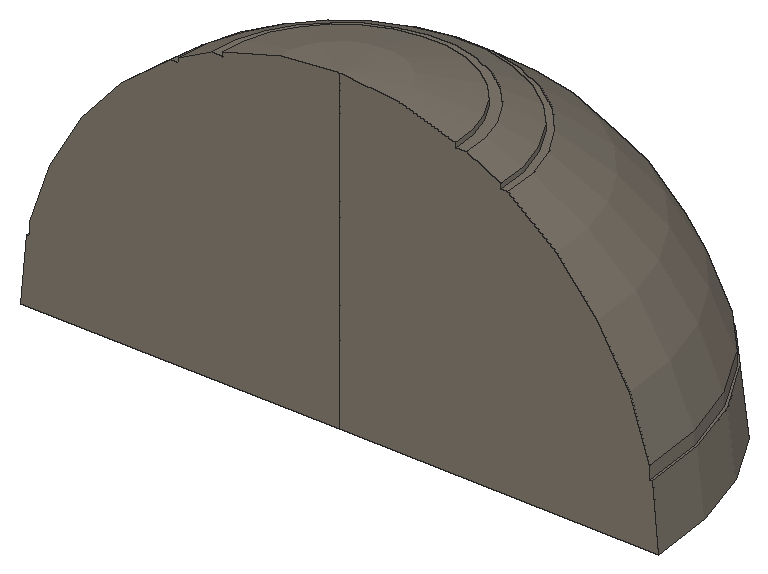
Revit family
Parameters (values of type "TBX 1 -  32W - 277V - IES")
  Width = 0' - 9"
  Wet Location [instance] = yes
  Watts = 32 W
  Wattage = 16.1571 W
  built-in parameter 1150110 = 1 (stored number, unit not read)
  Voltage = 277 V
  URL = "http://teronlighting.com/"
  built-in parameter 1114217 = 0.81 (stored number, unit not read)
  Tilt Angle = 90.00°
  built-in parameter 1150109 = 1 (stored number, unit not read)
  built-in parameter 1150134 = (empty or 0)
  Tamper Resistant Screws [instance] = no
  built-in parameter 1150113 = 1 (stored number, unit not read)
  Requires Special Disposal = no
  Remote Battery [instance] = no
  Quartz Socket [instance] = no
  Quartz Restrike [instance] = no
  Product Page URL = "http://teronlighting.com/stadler/"
  Product Documentation URL = "http://teronlighting.com/wp-content/uploads/Stadler.pdf"
  Product = "Stadler"
  Point of Final Manufacture = "Fairfield, OH, USA"
  Photometric Web File = "TLI - Stadler - TBX 1 -  32W.ies"
  Photocell [instance] = no
  Percentage Pre-Consumer = 0
  Percentage Post-Consumer = 0
  Number of Lamps = 1
  Multi-Tap Ballast [instance] = no
  Mounting Type = "1/2\" Conduit"
  Model = "SD - 132X"
  MasterFormat 2004 Title = "Exterior Lighting"
  MasterFormat 2004 Number = "26.56.00"
  Manufacturer Telephone = "01-513-858-6004"
  Manufacturer Email = "sales@teronlight.com"
  Manufacturer Address = "33 Donald Drive Fairfield, OH 45014"
  Manufacturer = "Teron Lighting"
  Lumens = 2400 lm
  built-in parameter 1150115 = 1 (stored number, unit not read)
  built-in parameter 1150105 = 190.99 (stored number, unit not read)
  built-in parameter 1150137 = (empty or 0)
  built-in parameter 1150139 = 0.81 (stored number, unit not read)
  Length = 1' - 6"
  built-in parameter 1150112 = 1 (stored number, unit not read)
  built-in parameter 1150114 = 1 (stored number, unit not read)
  Lamp Base = "4-Pin"
  Lamp = "1 - 32W TBX"
  Integral Battery [instance] = no
  built-in parameter 1150132 = 2
  built-in parameter 1150102 = (empty or 0)
  built-in parameter 1150138 = 4100 (stored number, unit not read)
  built-in parameter 1150107 = 4100 (stored number, unit not read)
  Industry Standards = "ETL, Buy America Act, Vandal Resistant"
  built-in parameter 1150106 = 1.9099 (stored number, unit not read)
  Fused [instance] = no
  Fixture Material = Paint - TLI - Textured Bronze
  Fixture = "Die-Cast Aluminum"
  Finish = "Texured Bronze"
  Energy Star [instance] = no
  Emergency Light Fixture [instance] = no
  Electronic Ballast [instance] = no
  built-in parameter 1150104 = 13.8 (stored number, unit not read)
  Distributor Locations = "USA, Canada, Puerto Rico"
  Dimming Lamp Color Temperature Shift = (empty or 0)
  Dimming Ballast [instance] = no
  Diffuser Material = Glass - TLI - Tempered Clear
  Diffuser = "Glass - Tempered Clear"
  Description = "Architectectural Outdoor"
  Depth = 0' - 9"
  Date Created = "8.1.2011"
  Created By = "RenderSpec  http://rederspec.com"
  Cost = 0
  Conditions of Use = "Elements are representations. Color and detail may differ from actual product. Information is for general use and should be reviewed by a Professional."
  Color Filter = 16777215
  built-in parameter 1114218 = 1 (stored number, unit not read)
  built-in parameter 1150133 = 10 (stored number, unit not read)
  Apparent Load = 32 VA
  Amps = Watts / Voltage / 1 A  # 0.11552
  ADA Compliant = no
Types (22): name | Width | Watts | Wattage | Voltage | built-in parameter 1150134 | Photometric Web File | Multi-Tap Ballast | Model | Lumens | built-in parameter 1150105 | Lamp Base | Lamp | built-in parameter 1150138 | built-in parameter 1150107 | built-in parameter 1150106 | Apparent Load | Amps
  MH  50W - 120V | 0' - 9" | 50 W | 21.5427 W | 120 V | (empty or 0) | "generic.ies" | yes | "SD - 50MH" | 3200 lm | 254.65 (stored number, unit not read) | "Medium Screw" | "50W MH" | 3700 (stored number, unit not read) | 3700 (stored number, unit not read) | 2.5465 (stored number, unit not read) | 50 VA | 0.41667
  MH  50W - 277V | 0' - 9" | 50 W | 21.5427 W | 277 V | (empty or 0) | "generic.ies" | yes | "SD - 50MH" | 3200 lm | 254.65 (stored number, unit not read) | "Medium Screw" | "50W MH" | 3700 (stored number, unit not read) | 3700 (stored number, unit not read) | 2.5465 (stored number, unit not read) | 50 VA | 0.18051
  MH  70W - 120V | 0' - 9" | 70 W | 35.3435 W | 120 V | 12 | "generic.ies" | yes | "SD - 70MH" | 5250 lm | 417.78 (stored number, unit not read) | "Medium Screw" | "70W MH" | 4000 (stored number, unit not read) | 4000 (stored number, unit not read) | 4.1778 (stored number, unit not read) | 70 VA | 0.58333
  MH  70W - 277V | 0' - 9" | 70 W | 35.3435 W | 277 V | 12 | "generic.ies" | yes | "SD - 70MH" | 5250 lm | 417.78 (stored number, unit not read) | "Medium Screw" | "70W MH" | 4000 (stored number, unit not read) | 4000 (stored number, unit not read) | 4.1778 (stored number, unit not read) | 70 VA | 0.25271
  MH 100W - 120V | 1' - 6 3/8" | 100 W | 60.5889 W | 120 V | 3 | "generic.ies" | yes | "SD - 100MH" | 9000 lm | 716.2 (stored number, unit not read) | "Medium Screw" | "100W MH" | 3200 (stored number, unit not read) | 3200 (stored number, unit not read) | 7.162 (stored number, unit not read) | 100 VA | 0.83333
  MH 100W - 277V | 0' - 9" | 100 W | 60.5889 W | 277 V | 3 | "generic.ies" | yes | "SD - 100MH" | 9000 lm | 716.2 (stored number, unit not read) | "Medium Screw" | "100W MH" | 3200 (stored number, unit not read) | 3200 (stored number, unit not read) | 7.162 (stored number, unit not read) | 100 VA | 0.36101
  MH 175W - 120V - IES | 0' - 9" | 175 W | 117.812 W | 120 V | 12 | "TLI - Stadler - MH 175W.ies" | yes | "SD - 175MH" | 17500 lm | 1392.6 (stored number, unit not read) | "Medium Screw" | "175W MH" | 4000 (stored number, unit not read) | 4000 (stored number, unit not read) | 13.926 (stored number, unit not read) | 175 VA | 1.4583
  MH 175W - 277V - IES | 0' - 9" | 175 W | 117.812 W | 277 V | 12 | "TLI - Stadler - MH 175W.ies" | yes | "SD - 175MH" | 17500 lm | 1392.6 (stored number, unit not read) | "Medium Screw" | "175W MH" | 4000 (stored number, unit not read) | 4000 (stored number, unit not read) | 13.926 (stored number, unit not read) | 175 VA | 0.63177
  HPS  50W - 120V | 0' - 9" | 50 W | 26.9284 W | 120 V | (empty or 0) | "generic.ies" | no | "SD - 50" | 4000 lm | 318.31 (stored number, unit not read) | "Medium Screw" | "50W HPS" | 1900 (stored number, unit not read) | 1900 (stored number, unit not read) | 3.1831 (stored number, unit not read) | 50 VA | 0.41667
  HPS  50W - 277V | 0' - 9" | 50 W | 26.9284 W | 277 V | (empty or 0) | "generic.ies" | no | "SD - 50" | 4000 lm | 318.31 (stored number, unit not read) | "Medium Screw" | "50W HPS" | 1900 (stored number, unit not read) | 1900 (stored number, unit not read) | 3.1831 (stored number, unit not read) | 50 VA | 0.18051
  HPS  70W - 120V | 0' - 9" | 70 W | 43.0855 W | 120 V | (empty or 0) | "generic.ies" | no | "SD - 70" | 6400 lm | 509.3 (stored number, unit not read) | "Medium Screw" | "70W HPS" | 1900 (stored number, unit not read) | 1900 (stored number, unit not read) | 5.093 (stored number, unit not read) | 70 VA | 0.58333
  HPS  70W - 277V | 0' - 9" | 70 W | 43.0855 W | 277 V | (empty or 0) | "generic.ies" | no | "SD - 70" | 6400 lm | 509.3 (stored number, unit not read) | "Medium Screw" | "70W HPS" | 1900 (stored number, unit not read) | 1900 (stored number, unit not read) | 5.093 (stored number, unit not read) | 70 VA | 0.25271
  HPS 100W - 120V | 0' - 9" | 100 W | 63.955 W | 120 V | (empty or 0) | "generic.ies" | no | "SD - 100" | 9500 lm | 755.99 (stored number, unit not read) | "Medium Screw" | "100W HPS" | 2000 (stored number, unit not read) | 2000 (stored number, unit not read) | 7.5599 (stored number, unit not read) | 100 VA | 0.83333
  HPS 100W - 277V | 0' - 9" | 100 W | 63.955 W | 277 V | (empty or 0) | "generic.ies" | no | "SD - 100" | 9500 lm | 755.99 (stored number, unit not read) | "Medium Screw" | "100W HPS" | 2000 (stored number, unit not read) | 2000 (stored number, unit not read) | 7.5599 (stored number, unit not read) | 100 VA | 0.36101
  HPS 150W - 120V - IES | 0' - 9" | 150 W | 107.714 W | 120 V | (empty or 0) | "TLI - Stadler - HPS 150W.ies" | no | "SD - 150" | 16000 lm | 1273.2 (stored number, unit not read) | "Medium Screw" | "150W HPS" | 2000 (stored number, unit not read) | 2000 (stored number, unit not read) | 12.732 (stored number, unit not read) | 150 VA | 1.25
  HPS 150W - 277V - IES | 0' - 9" | 150 W | 107.714 W | 277 V | (empty or 0) | "TLI - Stadler - HPS 150W.ies" | no | "SD - 150" | 16000 lm | 1273.2 (stored number, unit not read) | "Medium Screw" | "150W HPS" | 2000 (stored number, unit not read) | 2000 (stored number, unit not read) | 12.732 (stored number, unit not read) | 150 VA | 0.54152
  TBX 1 -  26W - 120V | 0' - 9" | 26 W | 12.1178 W | 120 V | (empty or 0) | "generic.ies" | no | "SD - 126X" | 1800 lm | 143.24 (stored number, unit not read) | "4-Pin" | "1 - 26W TBX" | 4100 (stored number, unit not read) | 4100 (stored number, unit not read) | 1.4324 (stored number, unit not read) | 26 VA | 0.21667
  TBX 1 -  26W - 277V | 0' - 9" | 26 W | 12.1178 W | 277 V | (empty or 0) | "generic.ies" | no | "SD - 126X" | 1800 lm | 143.24 (stored number, unit not read) | "4-Pin" | "1 - 26W TBX" | 4100 (stored number, unit not read) | 4100 (stored number, unit not read) | 1.4324 (stored number, unit not read) | 26 VA | 0.093863
  TBX 1 -  32W - 120V - IES | 0' - 9" | 32 W | 16.1571 W | 120 V | (empty or 0) | "TLI - Stadler - TBX 1 -  32W.ies" | no | "SD - 132X" | 2400 lm | 190.99 (stored number, unit not read) | "4-Pin" | "1 - 32W TBX" | 4100 (stored number, unit not read) | 4100 (stored number, unit not read) | 1.9099 (stored number, unit not read) | 32 VA | 0.26667
  TBX 1 -  32W - 277V - IES | 0' - 9" | 32 W | 16.1571 W | 277 V | (empty or 0) | "TLI - Stadler - TBX 1 -  32W.ies" | no | "SD - 132X" | 2400 lm | 190.99 (stored number, unit not read) | "4-Pin" | "1 - 32W TBX" | 4100 (stored number, unit not read) | 4100 (stored number, unit not read) | 1.9099 (stored number, unit not read) | 32 VA | 0.11552
  TBX 1 -  42W - 120V | 0' - 9" | 42 W | 21.5427 W | 120 V | (empty or 0) | "generic.ies" | no | "SD - 142X" | 3200 lm | 254.65 (stored number, unit not read) | "4-Pin" | "1 - 42W TBX" | 4100 (stored number, unit not read) | 4100 (stored number, unit not read) | 2.5465 (stored number, unit not read) | 42 VA | 0.35
  TBX 1 -  42W - 277V | 0' - 9" | 42 W | 21.5427 W | 277 V | (empty or 0) | "generic.ies" | no | "SD - 142X" | 3200 lm | 254.65 (stored number, unit not read) | "4-Pin" | "1 - 42W TBX" | 4100 (stored number, unit not read) | 4100 (stored number, unit not read) | 2.5465 (stored number, unit not read) | 42 VA | 0.15162
Reference planes (in)
  plane 1: y = 0
  plane 2 "Light Source Axis (L/R)": x = 4.92126
  plane 3 "Light Source Axis (F/R)": y = 5.90551
  plane 4 "Light Source Elevation": z = 60
  plane 5: y = 11.95276
  plane 6: z = 69
  plane 7: z = 60.24859
  plane 8: x = -4.07874
  plane 9: x = 13.92126
Forms (in)
  Revolve 1, solid, material "Paint - TLI - Textured Bronze" <- "Fixture Material"
    sketch origin (4.92126, 0, 0) x (0, 1, 0) y (0, 0, 1)
      loop
        line (2.95276, 69) -> (2.95276, 60) -> (11.95276, 60)
        arc (11.95276, 60) -> (9.31672, 66.36396) -> (2.95276, 69) r 9
      axis (2.95276, 69) -> (2.95276, 60)
    angle from -90 to 90
  Extrusion 2, void
    sketch origin (0, 0, 60) x (1, 0, 0) y (0, 1, 0)
      loop
        line (-3.56402, 3.45276) -> (13.40654, 3.45276)
        arc (13.40654, 3.45276) -> (4.92126, 11.45276) -> (-3.56402, 3.45276) r 8.5
    from 0 to 1.80114
  Revolve 3, void
    sketch origin (4.92126, 0, 0) x (0, 1, 0) y (0, 0, 1)
      loop
        line (6.23596, 68.37977) -> (6.23596, 68.25184) -> (6.54541, 68.25184)
        arc (6.54541, 68.25184) -> (6.39128, 68.31724) -> (6.23596, 68.37977) r 9
      loop
        line (11.69179, 62.15156) -> (11.69179, 61.80114) -> (11.77069, 61.80114)
        arc (11.77069, 61.80114) -> (11.73299, 61.97674) -> (11.69179, 62.15156) r 9
      loop
        line (7.48691, 67.77441) -> (7.48691, 67.64648) -> (7.69948, 67.64648)
        arc (7.69948, 67.64648) -> (7.59364, 67.71118) -> (7.48691, 67.77441) r 9
      axis (2.95276, 68.37977) -> (2.95276, 61.80114)
    angle from -90 to 90
  Extrusion 4, solid, material "Glass - TLI - Tempered Clear" <- "Diffuser Material"
    sketch origin (0, 0, 60) x (1, 0, 0) y (0, 1, 0)
      loop
        line (-3.56402, 3.45276) -> (13.40654, 3.45276)
        arc (13.40654, 3.45276) -> (4.92126, 11.45276) -> (-3.56402, 3.45276) r 8.5
    from 0.24859 to 0.5
Cuts and joins
  Extrusion 2, Revolve 3 cuts Revolve 1
Text (in)
  text "Placement side" at (-70.3598, 43.96769, 0), in view "Ref. Level"
  text "Placement side" at (0, 83.08644, 117.56134), in view "Left"
  text "Placement side" at (0, 24.74324, 118.58137), in view "Right"
Dimensions and locks (in)
  locked: level to plane 4 "Light Source Elevation" at 60
  "Width": Revolve 1 sketch curve to plane 5
  plane 8 to plane 9 = 1' - 6"
  "Length": plane 8 to plane 9
  plane 5 to plane 3 "Light Source Axis (F/R)" to host wall = 0' - 6.04724" locked, 0' - 2.95276" locked
  radius of Extrusion 2 sketch curve = 0' - 8 1/2"
  aligned and locked: plane 1 to host wall
  aligned: plane 2 "Light Source Axis (L/R)" to imposter light
  aligned: plane 3 "Light Source Axis (F/R)" to imposter light
  aligned and locked: plane 4 "Light Source Elevation" to imposter light
  aligned and locked: plane 5 to Revolve 1 sketch curve
  aligned and locked: plane 6 to Revolve 1 sketch curve
  aligned and locked: Revolve 1 sketch curve to plane 4 "Light Source Elevation"
  aligned and locked: Revolve 1 sketch curve to host wall
  aligned: plane 7 to cut or joined group of Revolve 1, Extrusion 2, Revolve 3
  aligned and locked: Revolve 3 sketch curve to host wall
  aligned: Extrusion 2 to host wall
Automatic sketch dimensions
  Revolve 1 sketch curve to Revolve 1 sketch curve = 1' - 8"
  Revolve 1 sketch curve to plane 6 = 1' - 2"
  Extrusion 2 sketch curve to host wall = 0' - 0"
  Extrusion 2 sketch curve to plane 2 "Light Source Axis (L/R)" = 0' - 0"
  host wall to Extrusion 2 sketch curve = 0' - 0 1/2"
  Revolve 3 sketch curve to Revolve 3 sketch curve = 0' - 0"  (x6)
  Revolve 3 sketch curve to host wall = 0' - 0"
  Revolve 3 sketch curve to plane 4 "Light Source Elevation" = 0' - 0"
  Revolve 3 sketch curve to plane 3 "Light Source Axis (F/R)" = 0' - 0.33045"
  Revolve 3 sketch curve to Revolve 3 sketch curve = 0' - 0.30945"
  Revolve 3 sketch curve to Revolve 3 sketch curve = 0' - 0.9415"
  Revolve 3 sketch curve to Revolve 3 sketch curve = 0' - 0.21257"
  Revolve 3 sketch curve to plane 5 = 0' - 0.26096"
  Revolve 3 sketch curve to Revolve 3 sketch curve = 0' - 0.07889"
  Revolve 3 sketch curve to Revolve 3 sketch curve = 0' - 8"
  plane 7 to Revolve 3 sketch curve = 0' - 1.55255"
  plane 6 to Revolve 3 sketch curve = 0' - 1.35352"
  plane 6 to Revolve 3 sketch curve = 0' - 0.74816"
  Revolve 3 sketch curve to plane 6 = 0' - 9 3/4"
  Extrusion 4 sketch curve to host wall = 0' - 0"
  Extrusion 4 sketch curve to plane 2 "Light Source Axis (L/R)" = 0' - 0"
  Extrusion 4 sketch curve to plane 8 = 0' - 0.51472"
  host wall to Extrusion 4 sketch curve = 0' - 0 1/2"
Nested families (in)
  nested 1: "Wall Mounted Light Fixture" at (4.92126, 2.95276, 0), Emergency Light Fixture <- "Emergency Light Fixture", type "Wall Mounted Light Fixture"
    with Emergency Light Fixture no
Connectors (in)
  electrical at (9.86044, 2.95276, 65.22539), driven by "Voltage", driven by "Apparent Load"
    settings: on cut or joined group of Revolve 1, Extrusion 2, Revolve 3, index 2, voltage 277 V, apparent load 32 VA, apparent load phase1 0 VA, apparent load phase2 0 VA, apparent load phase3 0 VA, power factor 1, load classification "Other", number of poles 1, system type 30, power factor state 1, is connector primary yes, connector utility no, sub classification motor no, connector description ""
Definition of nested family "Wall Mounted Light Fixture"
  Parameters (values of type "Wall Mounted Light Fixture")
    Emergency Light Fixture [instance] = no
  Reference planes (in)
    plane 1: y = 0
    plane 2: x = 0
  Lines and regions (in)
    detail lines, built-in parameter 1006310 <- "Emergency Light Fixture"
      curve 1: circle (0, 0.125, 0) r 0.0625 normal (0, 0, 1)
    detail lines
      curve 2: line (-0.0625, 0, 0) -> (0.0625, 0, 0)
      curve 3: line (0, 0, 0) -> (0, 0.0625, 0)
